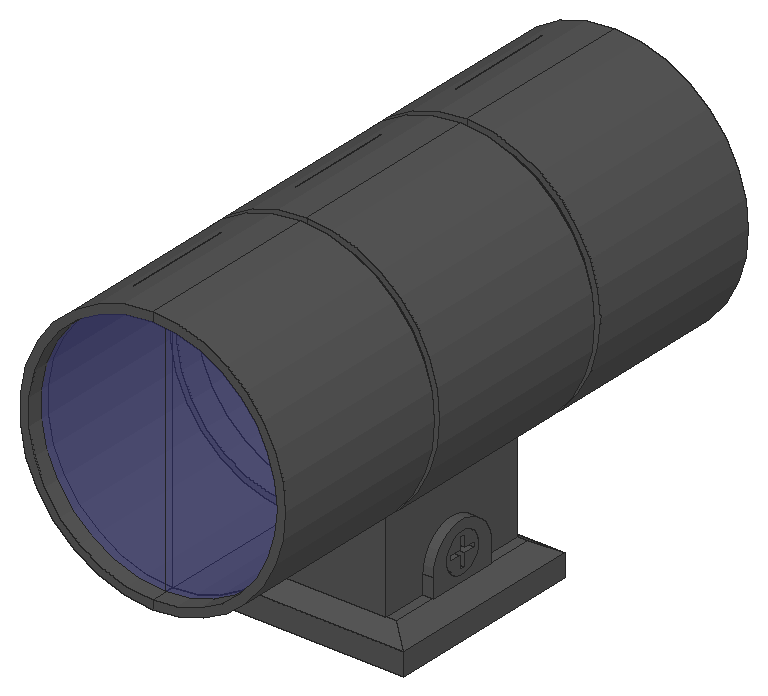
Revit family "CARLO CYLINDER LIGHT WALL MOUNT", category Lighting Fixtures, host Face, Revit 2020 (continued)
Types (10): name | Wattage_Input | Wattage Comments | Wattage | Photometric Web File | built-in parameter 1150142 | Model | built-in parameter 1150105 | Lumens | Light Length 1 | LIGHT RADIUS | LIGHT PLACEMENT | LIGHT LENGTH | LIGHT DIA | built-in parameter 1150106 | FIXED END HEIGHT | Curve base Height | Base Curve | BEAMING ANGLE | Apparent Load
     \r\n 189.92 197.03 205.55 216 227.87 240.82 254.9 270.09 286.26 303.41 \r\n 321.19 339.15 357.45 376.05 395.05 414.61 434.48 454.42 474.51 494.71 \r\n 515.03 535.61 556.03 575.9 595.37 614.48 633.23 651.57 669.68 687.85 \r\n 705.63 722.59 738.98 754.93 770.3 785.08 798.96 811.46 823.05 834.1 \r\n 844.39 853.79 862.36 870.12 877 882.88 887.81 892 894.83 895.7 \r\n 896.17 \r\n892.81 894.03 892.2 889.35 885.7 881.45 876.6 871.36 865.3 857.93 \r\n 849.59 840.52 830.47 819.31 806.89 792.65 777.75 763.42 748.85 733.65 \r\n 717.81 701.22 683.94 665.86 647.39 629.05 610.37 591 571.13 550.6 \r\n 530.05 510.34 490.67 470.3 449.88 429.86 410.14 390.87 371.79 352.57 \r\n 333.62 315.2 297.51 280.7 265.27 252.29 240.21 227.22 215.21 205.82 \r\n 197.96 191.15 185.28 180.15 175.62 171.49 167.75 164.33 161.21 158.31 \r\n 155.66 153.3 151.17 149.21 147.35 145.48 143.59 141.73 139.6 137.06 \r\n 133.76 129.23 123.66 116.93 109.44 101.54 93.308 85.013 76.51 67.621 \r\n 58.707 50.003 41.712 34.09 27.217 21.124 16.221 13.135 11.246 10.309 \r\n 9.8333 9.1733 8.5531 7.9782 7.458 7.0244 6.6159 6.1721 5.7223 5.2615 \r\n 4.8316 4.4816 4.1848 3.9422 3.7196 3.4729 3.2329 3.014 2.8215 2.6701 \r\n 2.5459 2.448 2.3529 2.2286 2.1008 1.9866 1.8808 1.7889 1.696 1.5787 \r\n 1.4688 1.403 1.344 1.2597 1.1719 1.0941 1.0198 0.94618 0.87611 0.81096 \r\n 0.75222 0.7053 0.65989 0.60517 0.55199 0.50928 0.47203 0.43965 0.40778 0.36952 \r\n 0.33182 0.29922 0.27205 0.2563 0.23955 0.20635 0.17173 0.14708 0.1279 0.11536 \r\n 0.1038 0.085826 0.067859 0.055085 0.043815 0.031104 0.019901 0.012913 0.007924 0.0032134 \r\n 0 0 0 0 0 0 0 0 0 0 \r\n 0 0 0 0 0 0 0 0 0 0 \r\n 0 0 0 0 0 0 0 0 0 0 \r\n 0 0 0 0 0.0001522 0.0054023 0.012141 0.017918 0.024205 0.031743 \r\n 0.040277 0.05005 0.060313 0.070553 0.080304 0.088111 0.096425 0.10795 0.12047 0.13225 \r\n 0.14456 0.15722 0.17285 0.19655 0.22074 0.23663 0.25305 0.27665 0.30521 0.34092 \r\n 0.37717 0.40461 0.43357 0.47391 0.51785 0.56496 0.61407 0.66344 0.71434 0.76681 \r\n 0.82277 0.8854 0.95105 1.0151 1.0837 1.1645 1.2478 1.3251 1.4 1.4692 \r\n 1.5444 1.6418 1.7447 1.8377 1.9333 2.0384 2.1544 2.2905 2.4306 2.558 \r\n 2.6831 2.8085 2.9401 3.0843 3.2413 3.408 3.5996 3.8426 4.1003 4.3471 \r\n 4.5755 4.7304 4.9278 5.267 5.7438 6.4162 7.1969 8.0455 8.88 9.4426 \r\n 10.221 11.415 13.627 17.753 23.112 29.356 36.381 44.083 52.12 59.995 \r\n 68.074 76.709 85.447 93.99 102.23 110.18 117.14 121.94 125.97 130.69 \r\n 134.75 136.89 138.29 139.77 141.19 142.72 144.33 146.07 147.93 149.87 \r\n 151.98 154.36 156.93 159.65 162.55 165.61 169.05 173.06 177.61 182.64 \r\n 188.49 195.43 203.65 213.46 224.79 237.87 252.18 267.18 283.14 300.31 \r\n 318.14 336.06 354.3 372.9 391.91 411.52 431.42 451.31 471.36 491.73 \r\n 512.24 532.87 553.32 573.23 592.74 611.88 630.68 649.14 667.36 685.54 \r\n 703.35 720.52 737.13 753.19 768.63 783.51 797.49 810.08 821.75 832.85 \r\n 843.22 852.87 861.67 869.5 876.39 882.33 887.34 891.61 894.55 895.58 \r\n 896.17 \r\n892.81 893.75 891.76 888.78 885.04 880.78 875.91 870.56 864.37 856.99 \r\n 848.6 839.31 828.96 817.45 804.79 790.63 775.87 761.54 746.94 731.7 \r\n 715.79 699.02 681.56 663.41 644.91 626.61 607.91 588.23 568.09 547.73 \r\n 527.37 507.45 487.53 467.21 446.88 426.79 406.97 387.63 368.53 349.36 \r\n 330.49 312.11 294.46 277.67 262.26 249.23 237.22 224.69 213.2 204.08 \r\n 196.43 189.83 184.14 179.14 174.7 170.65 166.98 163.6 160.52 157.69 \r\n 155.12 152.8 150.7 148.79 146.95 145.05 143.13 141.31 139.16 136.3 \r\n 132.68 128.12 122.55 115.68 108.04 100.06 91.759 83.33 74.718 65.829 \r\n 56.973 48.384 40.202 32.548 25.71 19.953 15.459 12.706 11.068 10.211 \r\n 9.7452 9.0967 8.4838 7.9375 7.4451 7.0224 6.6155 6.1666 5.7025 5.2078 \r\n 4.7509 4.4157 4.1406 3.8973 3.6696 3.4226 3.1847 2.9718 2.787 2.645 \r\n 2.5276 2.4267 2.3271 2.2037 2.0785 1.9672 1.8628 1.7655 1.6691 1.5602 \r\n 1.4596 1.3935 1.3321 1.2475 1.161 1.0878 1.0182 0.94558 0.87518 0.80954 \r\n 0.74997 0.70144 0.65546 0.60233 0.55065 0.50668 0.46775 0.43486 0.4032 0.36729 \r\n 0.33194 0.29967 0.27191 0.25452 0.23675 0.20569 0.17374 0.15014 0.13137 0.11871 \r\n 0.10699 0.089578 0.072211 0.05944 0.048221 0.036325 0.02586 0.018773 0.013314 0.0080519 \r\n 0.0039777 0.0019297 0.00093205 0.00027567 0 0 0 0 0 0 \r\n 0 0 0 0 0 0 0 0 0 0 \r\n 0 0 0 0 0 0 0 0 0 0 \r\n 0 0 0 0 0.00012871 0.0045892 0.010255 0.014976 0.020025 0.025914 \r\n 0.032773 0.04109 0.050304 0.060418 0.070218 0.07735 0.085228 0.097678 0.11111 0.12236 \r\n 0.13397 0.14694 0.16268 0.18472 0.20763 0.22504 0.24324 0.26678 0.29458 0.32914 \r\n 0.36435 0.39191 0.42091 0.45968 0.50217 0.54924 0.59808 0.64519 0.69345 0.74367 \r\n 0.79853 0.86327 0.93096 0.99357 1.0596 1.1375 1.2192 1.3001 1.3779 1.4427 \r\n 1.5132 1.6118 1.7172 1.8121 1.9078 2.0072 2.1178 2.2556 2.3981 2.5241 \r\n 2.6456 2.7647 2.8907 3.0341 3.1933 3.3672 3.5647 3.8044 4.0557 4.2953 \r\n 4.5198 4.6854 4.8906 5.22 5.6709 6.2886 7.0136 7.8316 8.6528 9.2555 \r\n 10.021 11.013 12.966 16.856 22.032 28.253 35.263 42.787 50.649 58.496 \r\n 66.596 75.259 84.013 92.497 100.69 108.68 115.78 120.96 125.38 130.26 \r\n 134.38 136.51 137.88 139.42 140.9 142.42 144.01 145.74 147.58 149.5 \r\n 151.58 153.95 156.52 159.23 162.13 165.18 168.6 172.56 177.06 182.02 \r\n 187.79 194.67 202.79 212.28 223.37 236.62 251.07 265.74 281.3 298.35 \r\n 316.16 334.13 352.47 371.17 390.25 409.77 429.59 449.58 469.75 490.09 \r\n 510.56 531.29 551.85 571.78 591.33 610.6 629.55 648.22 666.59 684.73 \r\n 702.48 719.66 736.31 752.45 767.96 782.8 796.71 809.3 821.01 832.25 \r\n 842.77 852.46 861.28 869.09 875.97 881.95 887.01 891.3 894.31 895.5 \r\n 896.17 \r\n892.81 893.47 891.3 888.17 884.33 880.06 875.2 869.72 863.4 856.02 \r\n 847.58 838.02 827.34 815.46 802.53 788.47 773.88 759.54 744.88 729.59 \r\n 713.6 696.62 678.95 660.73 642.21 623.94 605.21 585.22 564.82 544.67 \r\n 524.52 504.35 484.14 463.86 443.63 423.5 403.61 384.17 365 345.89 \r\n 327.12 308.83 291.25 274.53 259.13 245.94 233.91 221.92 211.05 202.24 \r\n 194.81 188.42 182.92 178.04 173.71 169.75 166.15 162.82 159.79 157.04 \r\n 154.54 152.27 150.2 148.33 146.51 144.58 142.62 140.84 138.66 135.49 \r\n 131.53 126.89 121.3 114.33 106.59 98.534 90.155 81.571 72.83 63.934 \r\n 55.147 46.723 38.696 31.01 24.196 18.8 14.737 12.307 10.902 10.112 \r\n 9.6457 9.0069 8.4024 7.8843 7.4192 7.0056 6.5997 6.1507 5.6778 5.1508 \r\n 4.6679 4.3505 4.0997 3.8558 3.6228 3.3758 3.1407 2.9342 2.7578 2.6264 \r\n 2.5165 2.4114 2.306 2.1838 2.0614 1.9529 1.8495 1.746 1.6452 1.5459 \r\n 1.4555 1.3878 1.3228 1.2383 1.1538 1.0852 1.0201 0.94897 0.87861 0.81237 \r\n 0.75154 0.70088 0.65343 0.60206 0.55216 0.5068 0.46594 0.43228 0.40064 0.36718 \r\n 0.33433 0.30244 0.274 0.25451 0.23539 0.20681 0.17797 0.15562 0.13731 0.12426 \r\n 0.11218 0.095614 0.079184 0.066379 0.055138 0.044233 0.034647 0.027335 0.021158 0.015044 \r\n 0.0097455 0.0057188 0.0027721 0.00095023 0 0 0 0 0 0 \r\n 0 0 0 0 0 0 0 0 0 0 \r\n 0 0 0 0 0 0 0 0 0 0 \r\n 0 0 0 0 0.000095 0.0034128 0.0075705 0.010895 0.014385 0.018306 \r\n 0.023188 0.029751 0.037706 0.047718 0.057649 0.064086 0.071524 0.085005 0.099479 0.11031 \r\n 0.12131 0.13479 0.15071 0.17078 0.19211 0.2112 0.23151 0.25538 0.28263 0.31546 \r\n 0.34907 0.37695 0.40634 0.44365 0.48485 0.53164 0.57979 0.62397 0.66914 0.71768 \r\n 0.77201 0.83851 0.90766 0.96846 1.0317 1.1068 1.1871 1.2715 1.3525 1.4139 \r\n 1.4806 1.5801 1.6876 1.7843 1.8803 1.9752 2.0813 2.22 2.3641 2.489 \r\n 2.6076 2.7201 2.8404 2.9833 3.1456 3.3284 3.5328 3.7683 4.0117 4.2423 \r\n 4.4621 4.639 4.8539 5.1781 5.6074 6.1715 6.8392 7.6197 8.4221 9.0643 \r\n 9.8286 10.659 12.388 16.023 20.989 27.19 34.197 41.544 49.238 57.079 \r\n 65.216 73.881 82.616 91.024 99.166 107.18 114.43 120.07 124.93 129.9 \r\n 134 136.13 137.52 139.12 140.67 142.19 143.76 145.49 147.32 149.21 \r\n 151.28 153.63 156.2 158.9 161.8 164.85 168.25 172.18 176.63 181.52 \r\n 187.23 194.07 202.11 211.37 222.26 235.65 250.2 264.51 279.67 296.57 \r\n 314.36 332.4 350.84 369.67 388.82 408.25 427.98 448.1 468.41 488.69 \r\n 509.1 529.91 550.59 570.55 590.15 609.56 628.7 647.58 666.11 684.21 \r\n 701.85 719.01 735.68 751.9 767.46 782.23 796.07 808.64 820.39 831.77 \r\n 842.42 852.13 860.92 868.7 875.56 881.58 886.69 890.99 894.05 895.41 \r\n 896.17 \r\n892.81 893.22 890.87 887.57 883.62 879.35 874.48 868.87 862.42 855.04 \r\n 846.57 836.74 825.71 813.47 800.28 786.32 771.89 757.52 742.78 727.45 \r\n 711.38 694.18 676.3 658 639.46 621.19 602.42 582.15 561.52 541.58 \r\n 521.64 501.21 480.7 460.45 440.31 420.17 400.22 380.66 361.4 342.35 \r\n 323.7 305.51 288.04 271.41 256.04 242.63 230.51 219.09 208.9 200.41 \r\n 193.18 187.01 181.69 176.94 172.71 168.84 165.31 162.04 159.05 156.39 \r\n 153.97 151.75 149.7 147.86 146.06 144.1 142.09 140.36 138.15 134.66 \r\n 130.37 125.61 119.97 112.94 105.14 97.017 88.546 79.806 70.937 62.03 \r\n 53.315 45.081 37.238 29.53 22.746 17.707 14.064 11.936 10.741 10.003 \r\n 9.5276 8.896 8.2998 7.808 7.3688 6.9641 6.5611 6.1184 5.6447 5.0926 \r\n 4.5893 4.2907 4.0637 3.8195 3.5813 3.3351 3.1032 2.9035 2.7356 2.6148 \r\n 2.5122 2.4022 2.2901 2.1689 2.0494 1.9436 1.8409 1.7307 1.6252 1.5354 \r\n 1.4552 1.3851 1.3155 1.2314 1.149 1.0846 1.0235 0.95402 0.88403 0.81711 \r\n 0.75483 0.70167 0.65245 0.60286 0.55489 0.50829 0.46558 0.431 0.39919 0.36802 \r\n 0.33758 0.30613 0.27708 0.25532 0.23465 0.20858 0.18296 0.16195 0.14412 0.13053 \r\n 0.11792 0.10233 0.086997 0.074163 0.062876 0.053001 0.044318 0.036717 0.029732 0.022702 \r\n 0.01611 0.010034 0.0050312 0.0018232 0 0 0 0 0 0 \r\n 0 0 0 0 0 0 0 0 0 0 \r\n 0 0 0 0 0 0 0 0 0 0 \r\n 0 0 0 0 0.000056 0.0020435 0.0044893 0.0063284 0.0082151 0.010137 \r\n 0.013028 0.017819 0.024509 0.034419 0.044506 0.050332 0.057398 0.07185 0.087316 0.097793 \r\n 0.10832 0.12243 0.13862 0.15659 0.17619 0.19693 0.21939 0.24385 0.27071 0.30149 \r\n 0.33315 0.36147 0.39146 0.4274 0.46733 0.51372 0.56104 0.60219 0.6443 0.6916 \r\n 0.74575 0.81359 0.88374 0.94283 1.0036 1.0758 1.1546 1.2422 1.3264 1.3857 \r\n 1.4497 1.5495 1.6583 1.7569 1.8537 1.9452 2.0478 2.1865 2.3311 2.4554 \r\n 2.572 2.6785 2.7934 2.9361 3.1016 3.2935 3.5051 3.7357 3.9704 4.1919 \r\n 4.4068 4.595 4.82 5.1412 5.5509 6.0624 6.6719 7.4093 8.1876 8.8657 \r\n 9.6349 10.342 11.879 15.238 19.959 26.118 33.107 40.285 47.825 55.68 \r\n 63.862 72.502 81.191 89.521 97.615 105.65 113.06 119.19 124.51 129.5 \r\n 133.52 135.7 137.16 138.85 140.46 141.99 143.55 145.27 147.1 148.98 \r\n 151.02 153.37 155.92 158.62 161.52 164.58 167.97 171.86 176.25 181.09 \r\n 186.74 193.54 201.51 210.59 221.33 234.79 249.37 263.34 278.11 294.87 \r\n 312.61 330.73 349.3 368.25 387.48 406.82 426.47 446.73 467.18 487.39 \r\n 507.72 528.62 549.42 569.41 589.06 608.64 627.99 647.08 665.75 683.8 \r\n 701.34 718.46 735.11 751.4 767.03 781.74 795.49 808.05 819.84 831.35 \r\n 842.12 851.82 860.56 868.3 875.14 881.2 886.37 890.67 893.77 895.29 \r\n 896.17 \r\n892.81 893.02 890.49 887.03 882.95 878.68 873.81 868.07 861.49 854.12 \r\n 845.61 835.51 824.16 811.6 798.19 784.28 769.98 755.58 740.77 725.41 \r\n 709.26 691.85 673.76 655.39 636.83 618.55 599.72 579.2 558.39 538.64 \r\n 518.88 498.19 477.41 457.17 437.1 416.96 396.97 377.28 357.91 338.92 \r\n 320.37 302.31 284.96 268.48 253.19 239.51 227.25 216.39 206.86 198.69 \r\n 191.66 185.69 180.52 175.91 171.78 167.99 164.52 161.31 158.38 155.78 \r\n 153.44 151.25 149.24 147.42 145.62 143.62 141.58 139.88 137.63 133.87 \r\n 129.27 124.36 118.63 111.58 103.75 95.552 86.981 78.104 69.127 60.209 \r\n 51.561 43.519 35.868 28.167 21.429 16.716 13.449 11.589 10.577 9.8768 \r\n 9.3839 8.7561 8.1669 7.698 7.2824 6.8878 6.4921 6.0638 5.5995 5.0351 \r\n 4.5214 4.2409 4.0344 3.79 3.5474 3.3028 3.075 2.882 2.7222 2.6108 \r\n 2.5143 2.3991 2.2802 2.1596 2.0426 1.939 1.8368 1.72 1.6099 1.5288 \r\n 1.4575 1.3845 1.3099 1.2258 1.1452 1.084 1.0262 0.95841 0.88903 0.82146 \r\n 0.75772 0.7021 0.65115 0.60323 0.55718 0.50976 0.46562 0.43011 0.39797 0.36866 \r\n 0.34027 0.30938 0.27993 0.25593 0.23368 0.2099 0.18727 0.16758 0.15026 0.13602 \r\n 0.12279 0.10812 0.093871 0.08105 0.069743 0.060802 0.052926 0.045034 0.037314 0.029536 \r\n 0.021878 0.014035 0.0072203 0.0026941 0 0 0 0 0 0 \r\n 0 0 0 0 0 0 0 0 0 0 \r\n 0 0 0 0 0 0 0 0 0 0 \r\n 0 0 0 0 0.000018 0.00065138 0.0014118 0.0019309 0.0024446 0.0026286 \r\n 0.0037969 0.0070855 0.012704 0.022491 0.032694 0.038097 0.04493 0.060135 0.076356 0.086546 \r\n 0.096725 0.11155 0.12806 0.14401 0.16187 0.18403 0.20843 0.2336 0.26022 0.28882 \r\n 0.31838 0.34718 0.37788 0.41252 0.45117 0.49712 0.54368 0.58225 0.62181 0.6682 \r\n 0.72227 0.79099 0.86175 0.91974 0.97858 1.048 1.125 1.2154 1.3025 1.3611 \r\n 1.4235 1.5229 1.632 1.7324 1.8305 1.9202 2.0202 2.1578 2.3017 2.4262 \r\n 2.542 2.6436 2.7541 2.8967 3.0649 3.2649 3.4824 3.7076 3.9337 4.1474 \r\n 4.3587 4.5573 4.7912 5.1091 5.4992 5.9587 6.5096 7.1998 7.9492 8.6566 \r\n 9.4328 10.052 11.423 14.485 18.922 24.986 31.916 38.939 46.35 54.229 \r\n 62.456 71.052 79.674 87.933 95.993 104.05 111.61 118.22 123.99 128.96 \r\n 132.88 135.18 136.79 138.56 140.23 141.78 143.34 145.06 146.88 148.75 \r\n 150.78 153.11 155.65 158.35 161.24 164.3 167.68 171.53 175.87 180.65 \r\n 186.24 193 200.9 209.83 220.43 233.87 248.39 262.06 276.52 293.12 \r\n 310.83 329.01 347.7 366.76 386.06 405.33 424.93 445.32 465.91 486.06 \r\n 506.31 527.3 548.2 568.23 587.94 607.71 627.27 646.55 665.34 683.34 \r\n 700.8 717.86 734.51 750.86 766.55 781.21 794.92 807.48 819.31 830.92 \r\n 841.77 851.46 860.15 867.86 874.69 880.79 886.01 890.31 893.45 895.15 \r\n 896.17 \r\n892.81 892.98 890.34 886.72 882.5 878.2 873.31 867.46 860.77 853.41 \r\n 844.89 834.63 823.09 810.39 796.87 782.88 768.53 754.13 739.33 723.96 \r\n 707.77 690.23 672.01 653.61 635.02 616.66 597.74 577.13 556.26 536.56 \r\n 516.82 496 475.06 454.78 434.71 414.54 394.51 374.72 355.27 336.3 \r\n 317.82 299.81 282.59 266.45 251.41 237.46 224.97 214.47 205.43 197.5 \r\n 190.66 184.82 179.75 175.22 171.17 167.44 164.02 160.86 157.97 155.41 \r\n 153.09 150.94 148.95 147.14 145.33 143.3 141.21 139.51 137.23 133.31 \r\n 128.53 123.42 117.54 110.47 102.65 94.321 85.622 76.707 67.728 58.802 \r\n 50.183 42.256 34.743 27.138 20.515 15.99 12.922 11.24 10.357 9.6713 \r\n 9.153 8.5198 7.9304 7.4737 7.0772 6.7044 6.3365 5.9471 5.5224 4.9888 \r\n 4.498 4.2286 4.0261 3.7812 3.5374 3.2965 3.074 2.8871 2.7328 2.6253 \r\n 2.5297 2.4093 2.2844 2.1625 2.0458 1.9438 1.842 1.7201 1.6057 1.5283 \r\n 1.4611 1.3847 1.3055 1.2193 1.1378 1.0769 1.0199 0.95304 0.88434 0.81619 \r\n 0.75148 0.69484 0.64339 0.59659 0.55208 0.50581 0.46235 0.42633 0.39352 0.36447 \r\n 0.33665 0.30671 0.27774 0.25226 0.22867 0.20591 0.18485 0.16618 0.14942 0.13468 \r\n 0.12079 0.1062 0.092245 0.079711 0.068707 0.060058 0.052403 0.044494 0.036803 0.029466 \r\n 0.022246 0.014477 0.0075867 0.0029084 0.000056 0 0 0 0 0 \r\n 0 0 0 0 0 0 0 0 0 0 \r\n 0 0 0 0 0 0 0 0 0 0 \r\n 0 0 0 0 0 0 0.000000 0.0002747 0.00066339 0.00059539 \r\n 0.0015753 0.0049247 0.010623 0.02023 0.030326 0.036107 0.043288 0.05831 0.074196 0.084026 \r\n 0.094068 0.10967 0.12668 0.1413 0.1578 0.18031 0.20546 0.23112 0.25765 0.28444 \r\n 0.31223 0.34133 0.37243 0.40596 0.44348 0.48902 0.53553 0.57445 0.61421 0.65973 \r\n 0.71292 0.78164 0.85296 0.91274 0.97254 1.0388 1.1128 1.2043 1.2936 1.3541 \r\n 1.4173 1.5139 1.6206 1.7234 1.8245 1.9151 2.0145 2.1486 2.2895 2.4158 \r\n 2.5341 2.6355 2.7453 2.8879 3.0563 3.2574 3.4746 3.6936 3.9138 4.1277 \r\n 4.3415 4.5465 4.7805 5.0826 5.4411 5.8427 6.3303 6.9674 7.6791 8.3949 \r\n 9.1657 9.7301 10.954 13.665 17.714 23.492 30.209 37.119 44.489 52.403 \r\n 60.664 69.185 77.723 85.96 94.036 102.13 109.81 116.77 122.85 127.77 \r\n 131.63 134.28 136.26 138.11 139.77 141.36 142.95 144.67 146.49 148.36 \r\n 150.39 152.69 155.21 157.88 160.76 163.79 167.14 170.92 175.19 179.91 \r\n 185.42 192.05 199.8 208.58 218.97 232.07 246.27 259.84 274.26 290.8 \r\n 308.45 326.66 345.4 364.49 383.83 403.13 422.77 443.2 463.82 484.01 \r\n 504.32 525.34 546.29 566.37 586.18 606.15 625.91 645.29 664.13 682.12 \r\n 699.57 716.65 733.33 749.74 765.51 780.25 794.03 806.67 818.56 830.16 \r\n 841 850.75 859.51 867.22 874.06 880.23 885.53 889.84 893.03 894.93 \r\n 896.17 \r\n892.81 893.08 890.41 886.65 882.28 877.91 872.98 867.04 860.28 852.93 \r\n 844.42 834.1 822.49 809.84 796.34 782.12 767.54 753.17 738.46 723.11 \r\n 706.92 689.34 671.08 652.67 634.05 615.54 596.49 575.95 555.15 535.35 \r\n 515.49 494.63 473.67 453.31 433.15 412.94 392.87 373.01 35
